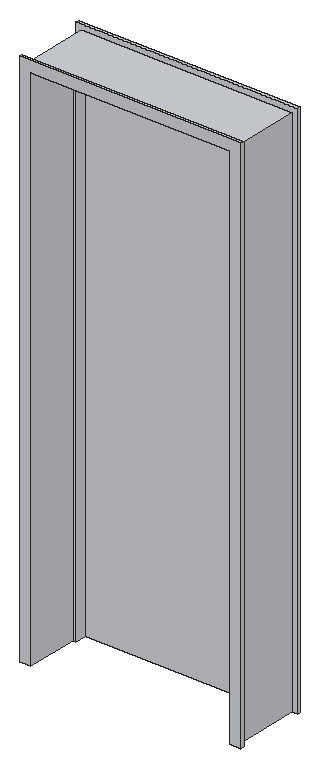
Revit family "DOOR_Single Flush", category Doors, host Wall, Revit 2024
Family settings
  Host = Wall
  Always vertical = Yes
  Cut with Voids When Loaded = No
  Shared = No
  Room Calculation Point = No
Parameters (values of type "900mm x 2400mm")
  Thickness = 45 mm
  Rough Width = Width + (2 * Rough In Gap)  # 950 mm
  Rough In Gap = 25 mm
  Rough Height [instance] = Height + Rough In Gap  # 2425 mm
  Rabbit Width = 16 mm
  Rabbit Inset Distance from Front Trim = 45 mm
  Rabbit Depth = 50 mm
  Height = 2400 mm
  Wall Closure = By host
  Width = 900 mm
  Function = Interior
  Frame Trim Width = 50 mm
  Frame Trim Thickness = 12.5 mm
  Fire Rating = ""
  EA_Repath [instance] = 0 mm
  Double Swing Option [instance] = no
  Double ADA Clearance Lines [instance] = no
  Door_$Panel_Material [instance] = none
  Door_$Leaf1_3DSwing_Angle [instance] = 0.00°
  Door_$Leaf1_2DSwing_Angle [instance] = 90.00°
  Door_$Frame_Material [instance] = none
  Define Thermal Properties by = Schematic Type
  Assembly Code = "C1020"
  Analytic Construction = "<None>"
  Single ADA Clearance Lines [instance] = yes
Types (3, lengths in mm): name | Rough Width | Width
  1200mm x 2400mm | 1250 | 1200
  1000mm x 2400mm | 1050 | 1000
  900mm x 2400mm | 950 | 900
Reference planes
  plane 1 "Center (Front/Back)": y = 0
  plane 2 "Center (Left/Right)": x = 0
  plane 3 "Left": x = -450
  plane 4 "Right": x = 450
  plane 5 "Top": z = 2400
  plane 6: y = 152.4
  plane 7: y = -152.4
  plane 8 "teswt": x = -405
Forms (mm)
  Sweep 1, solid, material <- "Door_$Frame_Material"
    path origin (0, 0, 0) x (1, 0, 0) y (0, 0, 1)
      loop
        line (450, 0) -> (450, 2400) -> (-450, 2400) -> (-450, 0)
    profile origin (450, 0, 1200) x (-1, 0, 0) y (0, -1, 0)
      loop
        line (-25.4, 152.4) -> (-25.4, -152.4) -> (-50, -152.4) -> (-50, -164.9) -> (0, -164.9) -> (0, -119.9) -> (16, -119.9) -> (16, -69.9) -> (0, -69.9) -> (0, 164.9) -> (-50, 164.9) -> (-50, 152.4) -> (-25.4, 152.4)
Lines and regions (mm)
  Opening 1
    outline origin (-2286, -152.4, 0) x (1, 0, 0) y (0, 0, 1)
      loop
        line (1811, 0) -> (2761, 0) -> (2761, 2425) -> (1811, 2425) -> (1811, 0)
  symbolic lines, style "Elevation Swing"
    curve 1: line (450, 152.4, 0) -> (-450, 152.4, 1200)
    curve 2: line (-450, 152.4, 1200) -> (450, 152.4, 2400)
  symbolic lines, style "ADA Clearance Lines", visible <- "Single ADA Clearance Lines"
    curve 3: line (-405, -1371.6, 0) -> (-405, 1676.4, 0)
    curve 4: line (-405, 1676.4, 0) -> (907.2, 1676.4, 0)
    curve 5: line (907.2, 1676.4, 0) -> (907.2, 152.4, 0)
    curve 6: line (-405, -1371.6, 0) -> (754.8, -1371.6, 0)
    curve 7: line (754.8, -1371.6, 0) -> (754.8, -152.4, 0)
  symbolic lines, style "ADA Clearance Lines", visible <- "Double ADA Clearance Lines"
    curve 8: line (907.2, 152.4, 0) -> (907.2, 1676.4, 0)
    curve 9: line (907.2, 1676.4, 0) -> (-405, 1676.4, 0)
    curve 10: line (-405, 1676.4, 0) -> (-405, -1676.4, 0)
    curve 11: line (-405, -1676.4, 0) -> (907.2, -1676.4, 0)
    curve 12: line (907.2, -1676.4, 0) -> (907.2, -152.4, 0)
Text (mm)
  text "Exterior" at (-1904.17, 693.701, 0), in view "Ref. Level"
  text "Interior" at (-1904.17, -638.649, 0), in view "Ref. Level"
  text "Exterior" at (0, 1019.848, 3124.603), in view "Right"
  text "Interior" at (0, -1635.541, 3124.603), in view "Right"
  text "Interior" at (0, -787.806, 3124.376), in view "Left"
  text "Exterior" at (0, 1386.095, 3124.376), in view "Left"
Dimensions and locks
  equal spacing: plane 3 "Left", plane 2 "Center (Left/Right)", plane 4 "Right"
  "Height": level to plane 5 "Top"
  "Width": plane 3 "Left" to plane 4 "Right"
  equal spacing: host wall, curve 2, plane 5 "Top"
  "Rough In Gap": plane 4 "Right" to Opening 1 sketch curve
  "Rough In Gap": Opening 1 sketch curve to plane 3 "Left"
  "Rough In Gap": plane 5 "Top" to Opening 1 sketch curve
  "Frame Trim Thickness": Sweep 1 sketch curve to host wall
  "Rabbit Depth": Sweep 1 sketch curve to Sweep 1 sketch curve
  "Rabbit Inset Distance from Front Trim": Sweep 1 sketch curve to Sweep 1 sketch curve
  "Frame Trim Width": plane 4 "Right" to Sweep 1 sketch curve  (x2)
  "Rabbit Width": Sweep 1 sketch curve to plane 4 "Right"
  "Frame Trim Thickness": host wall to Sweep 1 sketch curve
  "Thickness": nested 1 to Sweep 1
  host wall to host wall = 304.8 mm
  curve 4 to plane 6 = 1524 mm
  plane 4 "Right" to curve 5 = 457.2 mm
  plane 4 "Right" to curve 7 = 304.8 mm
  plane 7 to curve 6 = 1219.2 mm
  plane 4 "Right" to curve 8 = 457.2 mm
  plane 4 "Right" to curve 12 = 457.2 mm
  curve 9 to plane 6 = 1524 mm
  plane 7 to curve 11 = 1524 mm
  "Thickness": plane 3 "Left" to plane 8 "teswt"
  aligned and locked: Opening 1 sketch curve to level
  aligned and locked: plane 4 "Right" to curve 1
  aligned and locked: plane 3 "Left" to curve 1
  aligned and locked: plane 5 "Top" to curve 2
  aligned and locked: plane 4 "Right" to Sweep 1 sketch curve
  aligned and locked: Sweep 1 sketch curve to plane 3 "Left"
  aligned and locked: plane 5 "Top" to Sweep 1 sketch curve
  aligned and locked: host wall to Sweep 1 sketch curve  (x2)
  aligned and locked: Sweep 1 sketch curve to plane 4 "Right"  (x2)
  aligned and locked: nested 1 to plane 3 "Left"
  aligned and locked: Sweep 1 to nested 2  (x2)
  aligned and locked: nested 2 to Sweep 1
  aligned and locked: plane 6 to host wall
  aligned and locked: plane 7 to host wall
  aligned and locked: plane 7 to curve 7
  aligned and locked: plane 7 to curve 12
  aligned and locked: plane 6 to curve 8
  aligned and locked: curve 10 to plane 8 "teswt"
  aligned and locked: plane 8 "teswt" to curve 3
  aligned and locked: plane 3 "Left" to nested 2
Automatic sketch dimensions
  curve 1 to level = 0 mm
  curve 2 to plane 4 "Right" = 0 mm
  Sweep 1 sketch curve to level = 0 mm  (x2)
  profile plane to Sweep 1 sketch curve = 25.4 mm
  curve 5 to host wall = 0 mm
Nested families
  nested 1: "Door_Panel_Adjustable" at (-450, 164.9, 0), Panel Thickness <- "Thickness", Panel Width <- "Width", Panel Height <- "Height", Panel Material <- "Door_$Panel_Material", Plan Swing Angle <- "Door_$Leaf1_2DSwing_Angle", Opening Angle <- "Door_$Leaf1_3DSwing_Angle", type "Door_Panel_Adjustable"
    with Plan Swing Angle 90.00°, Panel Width 900 mm, Panel Thickness 45 mm, Panel Material none, Panel Height 2400 mm, Opening Angle 0.00°, Frame Thickness 12.5 mm
  nested 2: "Door_Panel_Adjustable" at (-450, -164.9, 0), Panel Thickness <- "Thickness", Panel Width <- "Width", Panel Height <- "Height", Panel Material <- "Door_$Panel_Material", Plan Swing Angle <- "Door_$Leaf1_2DSwing_Angle", Opening Angle <- "Door_$Leaf1_3DSwing_Angle", visible <- "Double Swing Option", type "Door_Panel_Adjustable"
    with Plan Swing Angle 90.00°, Panel Width 900 mm, Panel Thickness 45 mm, Panel Material none, Panel Height 2400 mm, Opening Angle 0.00°, Frame Thickness 12.5 mm
Definition of nested family "Door_Panel_Adjustable"
  Parameters (values of type "Door_Panel_Adjustable")
    Plan Swing Angle [instance] = 120.00°
    Panel Width [instance] = 914.4 mm
    Panel Thickness [instance] = 50.8 mm
    Panel Material [instance] = none
    Panel Height [instance] = 2133.6 mm
    Opening Angle [instance] = 45.00°
    Frame Thickness = 12.7 mm
    Default Elevation = 1219.2 mm
    Assembly Code = ""
    Analytic Construction = "<None>"
  Reference planes
    plane 1 "Center (Front/Back)": y = 0
    plane 2: z = 0
    plane 3 "Center (Left/Right)": x = 0
  Forms (mm)
    Extrusion 1, solid, material <- "Panel Material"
      sketch origin (0, 0, 0) x (0.707107, 0.707107, 0) y (0, 0, 1)
        loop
          line (0, 0) -> (914.4, 0) -> (914.4, 2133.6) -> (0, 2133.6) -> (0, 0)
      from 0 to 50.8 <- "Panel Thickness"
  Lines and regions (mm)
    reference lines
      curve 1: line (0, 0, 0) -> (646.578, 646.578, 0)
  Dimensions and locks
    "Panel Width": curve 1 to curve 1
    "Panel Width": Extrusion 1 sketch curve to Extrusion 1 sketch curve
    "Panel Height": Extrusion 1 sketch curve to Extrusion 1 sketch curve
    "Opening Angle": angle plane 1 "Center (Front/Back)" to curve 1
    aligned and locked: plane 3 "Center (Left/Right)" to curve 1
    aligned and locked: plane 3 "Center (Left/Right)" to nested 1
    aligned and locked: plane 1 "Center (Front/Back)" to nested 1
  Automatic sketch dimensions
    curve 1 to plane 1 "Center (Front/Back)" = 0 mm
    Extrusion 1 sketch curve to curve 1 = 0 mm  (x2)
  Nested families
    nested 1: "Door_Panel_Linework" at (0, 0, 0), type "door panel swing"
      with Wall Thickness 101.6 mm
  Definition of nested family "Door_Panel_Linework"
    Parameters (values of type "door panel swing")
      Wall Thickness [instance] = 101.6 mm
      Panel Thickness = 50.8 mm
      Panel Swing = 120.00°
      Panel Length = 914.4 mm
      Invisible Line_Height = 2133.6 mm
      Frame Thickness = 12.7 mm
      Default Elevation = 1219.2 mm
      Assembly Code = ""
      Analytic Construction = "<None>"
    Reference planes
      plane 1 "Center (Front/Back)": y = 0
      plane 2: z = 0
      plane 3 "Center (Left/Right)": x = 0
    Lines and regions (mm)
      symbolic lines
        curve 1: line (0, 0, 0) -> (-457.2, 791.894, 0)
        curve 2: line (-457.2, 791.894, 0) -> (-413.206, 817.294, 0)
        curve 3: line (0, 0, 0) -> (43.994, 25.4, 0)
        curve 4: line (43.994, 25.4, 0) -> (-413.206, 817.294, 0)
        curve 5: arc (-457.2, 791.894, 0) -> (458.618, 791.073, 0) -> (914.394, -3.277, 0) r 914.4
      model lines
        curve 6: line (0, 0, 0) -> (0, 0, 2133.6)
    Dimensions and locks
      "Panel Thickness": curve 4 to curve 1
      "Panel Length": curve 3 to curve 2
      locked: curve 5 to plane 1 "Center (Front/Back)" at 3.277
      "Invisible Line_Height": curve 6 to level
      "Panel Swing": angle plane 1 "Center (Front/Back)" to curve 1
    Automatic sketch dimensions
      curve 6 to level = 0 mm
      plane 1 "Center (Front/Back)" to curve 6 = 0 mm
      plane 1 "Center (Front/Back)" to curve 5 = 0 mm
      curve 5 to plane 3 "Center (Left/Right)" = 0 mm
      plane 1 "Center (Front/Back)" to curve 1 = 0 mm
      curve 1 to plane 3 "Center (Left/Right)" = 0 mm
